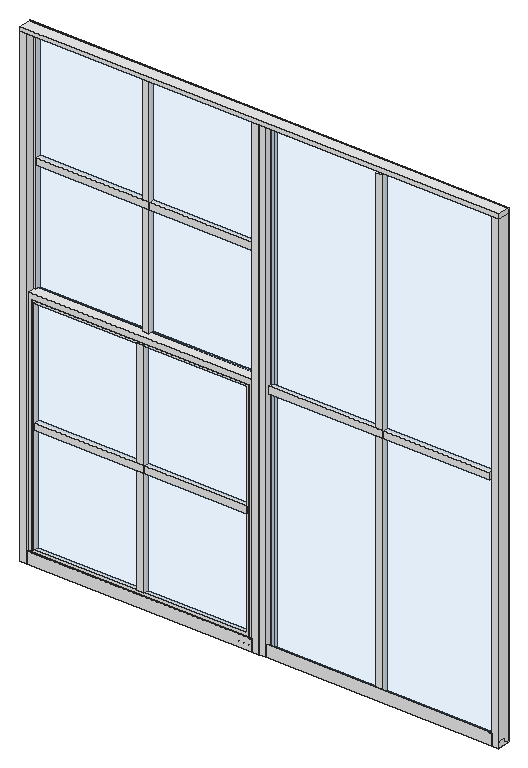
Revit family "Window_Curtain_Wall-Single_Hung_Fixed-Traco-TR_9197-Heavy_Commercial", category Windows, Revit 2015
Parameters (values of type "TR-9197 - Fixed/SH - Single Glazed")
  Window Width [instance] = if(CTRL Opening Width - Window Right Inset - Window Left Inset < Width Minimum, Width Minimum, if(CTRL Opening Width - Window Right Inset - Window Left Inset > Width Maximum, Width Maximum, CTRL Opening Width - Window Right Inset - Window Left Inset))  # 10' - 0"
  Window Top Inset [instance] = 0' - 0"
  Window Right Inset [instance] = 0' - 0"
  Window Muntin Type [instance] = Muntin-Grid-Traco-Lites : True
  Window Left Inset [instance] = 0' - 0"
  Window Height [instance] = if(CTRL Opening Height - Window Top Inset - Window Bottom Inset < Height Minimum, Height Minimum, if(CTRL Opening Height - Window Bottom Inset - Window Top Inset > Height Maximum, Height Maximum, CTRL Opening Height - Window Top Inset - Window Bottom Inset))  # 10' - 0"
  Window Bottom Inset [instance] = 0' - 0"
  Width Minimum = 2' - 0"
  Width Maximum = 10' - 0"
  Water Resistance = 15.0000 psf
  Uniform Load Structural = 75.0000 psf
  Uniform Load Deflection = 50.0000 psf
  URL = "http://www.alcoa.com/traco/en/home.asp"
  U Factor = ".45 Per NFRC 100"
  Type Comments = ""
  Test Size = "60\" X 99\""
  Stile Width = 0' - 1 195/256"
  Sill Width = 0' - 3 1/2"
  Show Sill and Head [instance] = yes
  Show Operation Symbol [instance] = yes
  Screen Width [instance] = (Window Width / 2) - (Stile Width * 2)  # 4' - 8 61/128"
  Screen Material = Aluminum - Traco - Screen
  Screen Height [instance] = CTRL Sash Bottom Height - (Rail Width / 2)  # 4' - 11"
  Sash Bottom Height [instance] = 1' - 6"
  Rail Width = 0' - 2"
  Product data url = "https://bimobject.com/kawneerna/product/91004"
  Product Page URL = "http://www.alcoa.com/traco/en/product.asp?cat_id=1905&prod_id=4193"
  Product Documentation Link = "http://www.alcoa.com/traco/cad/4193/010_CAD%20Files/010.pdf"
  Model = "TR-9100"
  Manufacturer = "Traco"  # constant formula
  Lite Top Height [instance] = 4' - 9.437"
  Keynote = "08500"
  Height Minimum = 2' - 0"
  Height Maximum = 10' - 0"
  Head Width = 0' - 1"
  Head Extension Right [instance] = 0' - 0"
  Head Extension Left [instance] = 0' - 0"
  Has Window Screen [instance] = no
  Has Unequal Sash [instance] = no
  Has Muntins [instance] = no
  Has Flange Frame [instance] = no
  Glazing Thickness = 0' - 0 1/4"
  Glazing Material = Glass - Traco - Clear
  Frame Material = Aluminum - Traco - Anodized - Gray
  Forced Entry Resistance = "TYPE A: GRADE 10"
  Designation = "AAMA/WDMA/CSA 101/I.S.2/A-440-05: H-AW50 And AAMA/WDMA/CSA 101/I.S.2/A-440-08: AW-PG50-H"
  Description = "Heavy Commercial, Single Hung, Side Load"  # constant formula
  Depth = 0' - 3 1/4"
  Copyright © = "2011 Traco"  # constant formula
  Condensation Resistance = 0.0000 psf
  CTRL Sash Bottom Height [instance] = if(Has Unequal Sash, Sash Bottom Height, Window Height / 2)  # 5' - 0"
  Interior Offset [instance] = 0' - 0"
  CTRL Right Half Offset = 0' - 0"  # constant formula
  CTRL Opening Width [instance] = 12' - 8 1/4"
  CTRL Opening Height [instance] = 13' - 0"
  CTRL Left Half Offset = 0' - 0"  # constant formula
  CTRL Head Right Extension [instance] = if(Has Flange Frame, 0' 0", Head Extension Right)  # 0' - 0"
  CTRL Head Left Extension [instance] = if(Has Flange Frame, 0' 0", Head Extension Left)  # 0' - 0"
  CTRL Flange Width [instance] = if(Has Flange Frame, 0' 2", 0' 0")  # 0' - 0"
  Exterior Offset [instance] = 0' - 0"
  Assembly Code = "B2020120"
  Allowable Air Infiltration Maximum = "0.3 @ 6.2 PSF"
Reference planes (in)
  plane 1 "Front": y = 0
  plane 2 "Original Ref. Plane": z = 0
  plane 3 "Center (Left/Right)": x = 0
  plane 4 "Left": x = -76.125
  plane 5 "Right": x = 76.125
  plane 6 "Top": z = 156
  plane 7 "Window Interior Offset": y = 0
  plane 8 "Window Center F/B": y = 0
  plane 9 "Exterior/Back": y = 1.625
  plane 10 "Interior/Front": y = -1.625
  plane 11 "Window Left": x = -43.875
  plane 12 "Window Right": x = 76.125
  plane 13 "Window Top": z = 120
  plane 14 "Flange Top": z = 120
  plane 15 "Head Bottom": z = 119
  plane 16 "Glass Pocket Bottom": z = 118.437
  plane 17 "Meeting Rail Center T/B": z = 60
  plane 18 "Meeting Rail Top": z = 61
  plane 19 "Meeting Rail Bottom": z = 59
  plane 20 "Top Muntin Center T/B": z = 89.7185
  plane 21 "Bottom Muntin Center T/B": z = 31.25
  plane 22 "Bottom Sash Glass B": z = 3.5
  plane 23 "Sash Frame Bottom": z = 2.937
  plane 24 "Bottom Glass Interior": y = -0.861
  plane 25 "Bottom Glass Exterior": y = -0.611
  plane 26 "Top Glass Exterior": y = 1.098
  plane 27 "Top Glass Interior": y = 0.848
  plane 28 "Frame Left": x = -42.1148
  plane 29 "Frame Right": x = 74.3648
  plane 30 "Flange Bottom": z = 0
  plane 31 "Flange Right": x = 76.125
  plane 32 "Flange Left": x = -43.875
  plane 33 "Flange Thickness": y = 1.5625
  plane 34 "Sill Slope Bottom": z = 0.24
  plane 35 "Sill Slope Top": z = 0.6811
  plane 36 "Sill Top": z = 1.3611
  plane 37 "Bottom Sash Exterior": y = 0.155
  plane 38 "Frame Right Inset": x = 72.75
  plane 39 "Frame Left Inset": x = -40.5
  plane 40 "Bottom Glass Interior Offset": y = -1.361
  plane 41 "Bottom Glass Exterior Offset": y = -0.111
  plane 42 "Top Glass Exterior Offset": y = 1.598
  plane 43 "Top Glass Interior Offset": y = 0.348
  plane 44 "Bottom Glass T": z = 59.563
  plane 45 "Top Glass B": z = 60.437
  plane 46 "Top Frame Right Inset": x = 73.8018
  plane 47 "Top Frame Left Inset": x = -41.5518
  plane 48 "Bottom Frame Right Inset": x = 73.313
  plane 49 "Bottom Frame Left Inset": x = -41.063
  plane 50 "Top Glass Center F/B": y = 0.973
  plane 51 "Bottom Glass Center F/B": y = -0.736
  plane 52 "Sill/Head Left Extension": x = -43.875
  plane 53 "Sill/Head Right Extension": x = 76.125
  plane 54 "Interior/Front Inset": y = -1.5625
  plane 55 "Window Bottom": z = 0
  plane 56 "Bottom Center Left Frame": x = 12.7495
  plane 57 "Sash Inside Right": x = 14.36328
  plane 58 "Sash Right Outside": x = 13.3125
  plane 59 "Left Half Center": x = 16.125
  plane 60 "Left Half Right Stop": x = 13.80078
  plane 61 "Right Half Center": x = 16.125
  plane 62 "Right Center Stile Right": x = 17.88672
  plane 63 "Left Stop Inside Right": x = 18.44922
  plane 64 "T.O. Right Half Bottom Stop": z = 1.9236
  plane 65 "Left Half Center (L/R)": x = -13.875
  plane 66 "Right Half Inside Left Stop": x = 18.9375
  plane 67 "Window Center (Left/Right)": x = 16.125
Forms (in)
  Sweep 1, solid, material "Aluminum - Traco - Anodized - Gray" <- "Frame Material"
    path origin (0, 0, 0.125) x (-1, 0, 0) y (0, 0, 1)
      loop
        line (0, -0.125) -> (0, 118.875)
    profile origin (0, 0, 59.5) x (1, 0, 0) y (0, 1, 0)
      loop
        line (-42.1148, -1.625) -> (-42.1148, 1.5625) -> (-43.875, 1.5625) -> (-43.875, -1.625) -> (-42.1148, -1.625)
      loop
        line (74.3648, -1.625) -> (76.125, -1.625) -> (76.125, 1.5625) -> (74.3648, 1.5625) -> (74.3648, -1.625)
  Sweep 2, solid, material "Aluminum - Traco - Anodized - Gray" <- "Frame Material"
    path origin (0, 0, 0) x (-1, 0, 0) y (0, 0, 1)
      loop
        line (-14.36328, 0.24) -> (43.875, 0.24)
    profile origin (-14.75586, 0, 0.24) x (0, 0, 1) y (0, 1, 0)
      loop
        line (1.1211, -1.5625) -> (1.1211, 0.155) -> (0.4411, 0.155) -> (0.01875, 1.5625) -> (-0.24, 1.5625) -> (-0.24, -1.5625) -> (1.1211, -1.5625)
  Sweep 3, solid, material "Aluminum - Traco - Anodized - Gray" <- "Frame Material"
    path origin (-1.19115, 0, 71.94551) x (-1, 0, 0) y (0, 0, 1)
      loop
        line (-77.31615, 47.05449) -> (42.68385, 47.05449)
    profile origin (16.125, 0, 119) x (0, 0, 1) y (0, 1, 0)
      loop
        line (0, 1.5625) -> (0, -1.625) -> (1, -1.625) -> (1, 1.5625) -> (0, 1.5625)
  Sweep 4, solid, material "Aluminum - Traco - Anodized - Gray" <- "Frame Material"
    path origin (3.54143, 0, -0.40863) x (1, 0, 0) y (0, 0, 1)
      loop
        line (-3.54143, 0.64863) -> (-3.54143, 119.40863)
    profile origin (0, 0, 59.62) x (-1, 0, 0) y (0, -1, 0)
      loop
        line (42.1148, -1.5625) -> (42.1148, -1.625) -> (43.875, -1.625) -> (43.875, -1.5625) -> (42.1148, -1.5625)
      loop
        line (-74.3648, -1.5625) -> (-76.125, -1.5625) -> (-76.125, -1.625) -> (-74.3648, -1.625) -> (-74.3648, -1.5625)
  Sweep 5, solid, material "Aluminum - Traco - Anodized - Gray" <- "Frame Material", visible <- "Show Sill and Head"
    path origin (-0.2639, 0, -1.58341) x (-1, 0, 0) y (0, 0, 1)
      loop
        line (-76.3889, 1.58341) -> (43.6111, 1.58341)
    profile origin (16.125, 0, 0) x (0, 0, 1) y (0, 1, 0)
      loop
        line (0, 1.625) -> (0, 1.5625) -> (0.25875, 1.5625) -> (0.24, 1.625) -> (0, 1.625)
  Sweep 6, solid, material "Aluminum - Traco - Anodized - Gray" <- "Frame Material", visible <- "Show Sill and Head"
    path origin (-1.31088, 0, 70.30922) x (-1, 0, 0) y (0, 0, 1)
      loop
        line (-77.43588, 49.69078) -> (42.56412, 49.69078)
    profile origin (16.125, 0, 120) x (0, 0, 1) y (0, 1, 0)
      loop
        line (-1, 1.625) -> (-1, 1.5625) -> (0, 1.5625) -> (0, 1.625) -> (-1, 1.625)
  Sweep 7, solid, material "Aluminum - Traco - Anodized - Gray" <- "Frame Material"
    path origin (-0.05903, 0, 2.24309) x (-1, 0, 0) y (0, 0, 1)
      loop
        line (-14.42231, 0.69391) -> (42.05577, 0.69391)
    profile origin (-13.87576, 0, 2.937) x (0, 0, 1) y (0, 1, 0)
      loop
        line (-1.5759, 0.155) -> (-1.5759, -1.5625) -> (0, -1.5625) -> (0, 0.155) -> (-1.5759, 0.155)
  Sweep 8, solid, material "Aluminum - Traco - Anodized - Gray" <- "Frame Material", detail levels medium+fine
    path origin (0, -1.361, 0) x (-1, 0, 0) y (0, 0, 1)
      loop
        line (-12.7495, 3.5) -> (40.5, 3.5) -> (40.5, 59) -> (-12.7495, 59) -> (-12.7495, 3.5)
    profile origin (-13.87525, -1.361, 3.5) x (0, 0, 1) y (0, 1, 0)
      loop
        line (-0.563, 0) -> (0, 0) -> (0, 1.25) -> (-0.563, 1.25) -> (-0.563, 0)
  Extrusion 9, solid, material "Glass - Traco - Clear" <- "Glazing Material"
    sketch origin (0, 0, 0) x (1, 0, 0) y (0, 0, 1)
      loop
        line (13.3125, 59.563) -> (-42.1148, 59.563) -> (-42.1148, 2.937) -> (13.3125, 2.937) -> (13.3125, 59.563)
    from 0.611 to 0.861
  Sweep 10, solid, material "Aluminum - Traco - Anodized - Gray" <- "Frame Material", detail levels medium+fine
    path origin (0, 1.598, 0) x (-1, 0, 0) y (0, 0, 1)
      loop
        line (-13.80078, 61) -> (-13.80078, 118.437) -> (41.5518, 118.437) -> (41.5518, 61)
    profile origin (-13.87551, 1.598, 118.437) x (0, 0, 1) y (0, 1, 0)
      loop
        line (0, -1.25) -> (0.563, -1.25) -> (0.563, 0) -> (0, 0) -> (0, -1.25)
  Extrusion 11, solid, material "Glass - Traco - Clear" <- "Glazing Material"
    sketch origin (-3, 0, 39) x (1, 0, 0) y (0, 0, 1)
      loop
        line (17.36328, 80) -> (-39.1148, 80) -> (-39.1148, 22) -> (17.36328, 22) -> (17.36328, 80)
    from -1.098 to -0.848
  Sweep 12, solid, material "Aluminum - Traco - Anodized - Gray" <- "Frame Material"
    path origin (0, 0, 0) x (1, 0, 0) y (0, 0, 1)
      loop
        line (14.36328, 60) -> (-42.1148, 60)
    profile origin (-13.87576, 0, 60) x (0, 0, -1) y (0, -1, 0)
      loop
        line (-1, 1.361) -> (-1, -1.598) -> (1, -1.598) -> (1, 0.111) -> (0.437, 0.111) -> (0.437, 1.361) -> (-1, 1.361)
  Sweep 13, solid, material "Aluminum - Traco - Anodized - Gray" <- "Frame Material"
    path origin (0.15765, 0, -0.40863) x (1, 0, 0) y (0, 0, 1)
      loop
        line (-0.15765, 1.76973) -> (-0.15765, 59.97163)
    profile origin (0, 0, 30.46205) x (-1, 0, 0) y (0, -1, 0)
      loop
        line (41.063, 1.361) -> (41.063, -0.155) -> (42.1148, -0.155) -> (42.1148, 1.361) -> (41.063, 1.361)
      loop
        line (-13.3125, 1.361) -> (-14.36328, 1.361) -> (-14.36328, -0.155) -> (-13.3125, -0.155) -> (-13.3125, 1.361)
  Sweep 14, solid, material "Aluminum - Traco - Anodized - Gray" <- "Frame Material"
    path origin (0, 0, -0.00501) x (-1, 0, 0) y (0, 0, 1)
      loop
        line (-14.36328, 2.94201) -> (42.1148, 2.94201)
    profile origin (-13.87576, 0, 2.937) x (0, 0, 1) y (0, 1, 0)
      loop
        line (0, -1.625) -> (0, -1.5625) -> (-2.937, -1.5625) -> (-2.937, -1.625) -> (0, -1.625)
  Sweep 15, solid, material "Aluminum - Traco - Anodized - Gray" <- "Frame Material"
    path origin (0, 0, 0) x (1, 0, 0) y (0, 0, 1)
      loop
        line (16.125, 0) -> (16.125, 119)
    profile origin (16.125, 0, 59.5) x (-1, 0, 0) y (0, -1, 0)
      loop
        line (0, 1.625) -> (0, -1.5625) -> (1.76172, -1.5625) -> (1.76172, 1.625) -> (0, 1.625)
  Sweep 16, solid, material "Aluminum - Traco - Anodized - Gray" <- "Frame Material"
    path origin (0, 0, 0) x (1, 0, 0) y (0, 0, 1)
      loop
        line (16.125, 0) -> (16.125, 119)
    profile origin (16.125, 0, 59.5) x (-1, 0, 0) y (0, -1, 0)
      loop
        line (0, -1.5625) -> (0, 1.625) -> (-1.76172, 1.625) -> (-1.76172, -1.5625) -> (0, -1.5625)
  Sweep 17, solid, material "Aluminum - Traco - Anodized - Gray" <- "Frame Material"
    path origin (0, 0, 0) x (1, 0, 0) y (0, 0, 1)
      loop
        line (76.125, 0.24) -> (17.88672, 0.24)
    profile origin (47.00586, 0, 0.24) x (0, 0, -1) y (0, -1, 0)
      loop
        line (0.24, -1.5625) -> (0.24, 1.5625) -> (-1.1211, 1.5625) -> (-1.1211, -0.155) -> (-0.4411, -0.155) -> (-0.01875, -1.5625) -> (0.24, -1.5625)
  Sweep 18, solid, material "Aluminum - Traco - Anodized - Gray" <- "Frame Material"
    path origin (0, 0, 0) x (1, 0, 0) y (0, 0, 1)
      loop
        line (17.88672, 2.937) -> (74.3648, 2.937)
    profile origin (46.12576, 0, 2.937) x (0, 0, 1) y (0, -1, 0)
      loop
        line (0, 1.5625) -> (0, 1.625) -> (-2.937, 1.625) -> (-2.937, 1.5625) -> (0, 1.5625)
  Sweep 19, solid, material "Aluminum - Traco - Anodized - Gray" <- "Frame Material", detail levels medium+fine
    path origin (19.75, 1.598, 0) x (-1, 0, 0) y (0, 0, 1)
      loop
        line (-54.0518, 118.437) -> (-54.0518, 1.9236) -> (1.30078, 1.9236) -> (1.30078, 118.437) -> (-54.0518, 118.437)
    profile origin (46.12551, 1.598, 118.437) x (0, 0, 1) y (0, 1, 0)
      loop
        line (0, -2.209) -> (0.563, -2.209) -> (0.563, -1.443) -> (0, -1.443) -> (0, -2.209)
  Extrusion 20, solid, material "Glass - Traco - Clear" <- "Glazing Material"
    sketch origin (0, 0, 0) x (1, 0, 0) y (0, 0, 1)
      loop
        line (73.8018, 118.437) -> (18.44922, 118.437) -> (18.44922, 1.9236) -> (73.8018, 1.9236) -> (73.8018, 118.437)
    from 0.611 to 0.861
Cuts and joins
  joined: Sweep 7, Sweep 12, Sweep 13
  joined: Sweep 2, Sweep 14
Lines and regions (in)
  Masking region 1
    outline origin (0, 0, 0) x (-1, 0, 0) y (0, 0, 1)
      loop
        line (-76.125, 119) -> (-76.125, 0.24) -> (-74.3648, 0.24) -> (-74.3648, 119) -> (-76.125, 119)
      loop
        line (42.1148, 0.24) -> (43.875, 0.24) -> (43.875, 119) -> (42.1148, 119) -> (42.1148, 0.24)
  Masking region 2, visible <- "Show Sill and Head"
    outline origin (0, 0, 0) x (-1, 0, 0) y (0, 0, 1)
      loop
        line (-76.125, 120) -> (-76.125, 119) -> (43.875, 119) -> (43.875, 120) -> (-76.125, 120)
      loop
        line (43.875, 0) -> (43.875, 0.24) -> (-76.125, 0.24) -> (-76.125, 0) -> (43.875, 0)
  Masking region 3
    outline origin (0, 0, 0) x (-1, 0, 0) y (0, 0, 1)
      loop
        line (-14.36328, 60.437) -> (-14.36328, 59.563) -> (42.1148, 59.563) -> (42.1148, 60.437) -> (-14.36328, 60.437)
  Masking region 4
    outline origin (0, -1.361, 0) x (-1, 0, 0) y (0, 0, 1)
      loop
        line (-13.3125, 2.937) -> (-13.3125, 59.563) -> (-14.36328, 59.563) -> (-14.36328, 2.937) -> (-13.3125, 2.937)
      loop
        line (41.063, 2.937) -> (42.1148, 2.937) -> (42.1148, 59.563) -> (41.063, 59.563) -> (41.063, 2.937)
  Masking region 5, detail levels medium+fine
    outline origin (0, -0.861, 0) x (-1, 0, 0) y (0, 0, 1)
      loop
        line (-13.3125, 59.563) -> (-13.3125, 2.937) -> (41.063, 2.937) -> (41.063, 59.563) -> (-13.3125, 59.563)
      loop
        line (-12.7495, 59) -> (-12.7495, 3.5) -> (40.5, 3.5) -> (40.5, 59) -> (-12.7495, 59)
  Masking region 6
    outline origin (0, -1.625, 0) x (-1, 0, 0) y (0, 0, 1)
      loop
        line (-74.3648, 2.937) -> (-74.3648, 0.24) -> (-17.88672, 0.24) -> (-17.88672, 2.937) -> (-74.3648, 2.937)
  Masking region 7, detail levels medium+fine
    outline origin (0, 1.098, 0) x (-1, 0, 0) y (0, 0, 1)
      loop
        line (-14.36328, 119) -> (-14.36328, 60.437) -> (42.1148, 60.437) -> (42.1148, 119) -> (-14.36328, 119)
      loop
        line (-13.80078, 118.437) -> (-13.80078, 61) -> (41.5518, 61) -> (41.5518, 118.437) -> (-13.80078, 118.437)
  Masking region 8
    outline origin (0, 0.848, 0) x (-1, 0, 0) y (0, 0, 1)
      loop
        line (42.1148, 60.437) -> (42.1148, 119) -> (-14.36328, 119) -> (-14.36328, 60.437) -> (42.1148, 60.437)
  Masking region 9
    outline origin (0, -0.611, 0) x (-1, 0, 0) y (0, 0, 1)
      loop
        line (41.063, 2.937) -> (41.063, 59.563) -> (-13.3125, 59.563) -> (-13.3125, 2.937) -> (41.063, 2.937)
  Masking region 10
    outline origin (0, 0, 0) x (0, 1, 0) y (0, 0, 1)
      loop
        line (1.625, 0) -> (1.625, 120) -> (-1.625, 120) -> (-1.625, 0) -> (1.625, 0)
  Masking region 11
    outline origin (0, 0, 60) x (1, 0, 0) y (0, 1, 0)
      loop
        line (76.125, -1.625) -> (76.125, 1.625) -> (-43.875, 1.625) -> (-43.875, -1.625) -> (76.125, -1.625)
  Split face 1
    outline origin (14.36328, 1.598, 61) x (-1, 0, 0) y (0, -1, 0)
      loop
        line (56.47808, 1.125) -> (0, 1.125)
      loop
        line (56.47808, 1.25) -> (0, 1.25)
  Masking region 12
    outline origin (0, -1.625, 0) x (1, 0, 0) y (0, 0, 1)
      loop
        line (-42.1148, 2.937) -> (-42.1148, 0.24) -> (14.36328, 0.24) -> (14.36328, 2.937) -> (-42.1148, 2.937)
  Masking region 13
    outline origin (0, 0, 0) x (1, 0, 0) y (0, 0, 1)
      loop
        line (17.88672, 0) -> (17.88672, 119) -> (16.125, 119) -> (16.125, 0) -> (17.88672, 0)
  Masking region 14
    outline origin (0, 0, 0) x (1, 0, 0) y (0, 0, 1)
      loop
        line (16.125, 0) -> (16.125, 119) -> (14.36328, 119) -> (14.36328, 0) -> (16.125, 0)
  Masking region 15, detail levels medium+fine
    outline origin (0, 0, 0) x (1, 0, 0) y (0, 0, 1)
      loop
        line (17.88672, 2.937) -> (74.3648, 2.937) -> (74.3648, 119) -> (17.88672, 119) -> (17.88672, 2.937)
      loop
        line (18.44922, 118.437) -> (18.44922, 3.5) -> (73.8018, 3.5) -> (73.8018, 118.437) -> (18.44922, 118.437)
  Masking region 16
    outline origin (0, 0, 0) x (1, 0, 0) y (0, 0, 1)
      loop
        line (17.88672, 2.937) -> (74.3648, 2.937) -> (74.3648, 119) -> (17.88672, 119) -> (17.88672, 2.937)
  symbolic lines, style "WindowsFrameMullionProjection", detail levels medium+fine
    curve 1: line (12.7495, -0.611, 3.5) -> (-40.5, -0.611, 3.5)
    curve 2: line (-40.5, -0.611, 2.937) -> (-40.5, -0.611, 59.563)
  symbolic lines, style "WindowsOpeningProjection", visible <- "Show Operation Symbol", detail levels fine
    curve 3: line (-13.875, 0, 26.375) -> (-13.875, 0, 36.125)
    curve 4: line (-13.875, 0, 36.125) -> (-14.5403, 0, 34.78061)
    curve 82: line (-13.8755, 0, 36.125) -> (-13.2102, 0, 34.78061)
  symbolic lines, style "WindowsSillHeadProjection"
    curve 5: line (0, -1.625, 120) -> (0, 1.625, 120)
    curve 6: line (0, -1.625, 119) -> (0, -1.625, 120)
    curve 7: line (0, 1.625, 119) -> (0, -1.625, 119)
    curve 8: line (0, 1.625, 120) -> (0, 1.625, 119)
    curve 9: line (0, -1.625, 2.937) -> (0, 0.155, 2.937)
    curve 10: line (0, 0.155, 2.937) -> (0, 0.155, 0.6811)
    curve 11: line (0, 0.155, 0.6811) -> (0, 1.625, 0.24)
    curve 12: line (0, 1.625, 0.24) -> (0, 1.625, 0)
    curve 13: line (0, 1.625, 0) -> (0, -1.625, 0)
    curve 14: line (0, -1.625, 0) -> (0, -1.625, 2.937)
  symbolic lines, style "WindowsGlassProjection", detail levels medium+fine
    curve 15: line (0, 0.848, 119) -> (0, 0.848, 60.437)
    curve 16: line (0, 1.098, 119) -> (0, 1.098, 60.437)
    curve 17: line (0, -0.861, 59.563) -> (0, -0.861, 2.937)
    curve 18: line (0, -0.611, 59.563) -> (0, -0.611, 2.937)
    curve 53: line (-42.1148, 0.848, 60) -> (14.36328, 0.848, 60)
    curve 55: line (73.313, -0.611, 60) -> (18.9375, -0.611, 60)
    curve 56: line (-41.063, -0.861, 60) -> (13.3125, -0.861, 60)
    curve 96: line (13.3125, -0.611, 60) -> (-41.063, -0.611, 60)
    curve 97: line (18.9375, -0.861, 60) -> (73.313, -0.861, 60)
    curve 98: line (14.36328, 1.098, 60) -> (-42.1148, 1.098, 60)
  symbolic lines, style "WindowsGlassProjection", detail levels coarse
    curve 19: line (0, 0.973, 119) -> (0, 0.973, 60.437)
    curve 20: line (0, -0.736, 59.563) -> (0, -0.736, 2.937)
    curve 54: line (-42.1148, 0.973, 60) -> (14.36328, 0.973, 60)
    curve 57: line (-41.063, -0.736, 60) -> (13.3125, -0.736, 60)
    curve 89: line (73.313, -0.736, 60) -> (18.9375, -0.736, 60)
  symbolic lines, style "WindowsFrameMullionProjection", detail levels fine
    curve 21: line (0, -1.361, 59.563) -> (0, -1.361, 59)
    curve 22: line (0, -1.361, 59) -> (0, -0.861, 59)
    curve 23: line (0, -0.611, 59) -> (0, -0.111, 59)
    curve 24: line (0, -0.111, 59) -> (0, -0.111, 59.563)
    curve 25: line (0, 0.348, 60.437) -> (0, 0.348, 61)
    curve 26: line (0, 0.348, 61) -> (0, 0.848, 61)
    curve 27: line (0, 1.098, 61) -> (0, 1.598, 61)
    curve 28: line (0, 1.598, 61) -> (0, 1.598, 60.437)
    curve 29: line (0, 0.348, 119) -> (0, 0.348, 118.437)
    curve 30: line (0, 0.348, 118.437) -> (0, 0.848, 118.437)
    curve 31: line (0, 1.098, 118.437) -> (0, 1.598, 118.437)
    curve 32: line (0, 1.598, 118.437) -> (0, 1.598, 119)
    curve 33: line (0, -1.361, 2.937) -> (0, -1.361, 3.5)
    curve 34: line (0, -1.361, 3.5) -> (0, -0.861, 3.5)
    curve 35: line (0, -0.611, 3.5) -> (0, -0.111, 3.5)
    curve 36: line (0, -0.111, 3.5) -> (0, -0.111, 2.937)
    curve 58: line (-42.1148, 1.598, 60) -> (-41.5518, 1.598, 60)
    curve 59: line (-41.5518, 1.598, 60) -> (-41.5518, 1.098, 60)
    curve 60: line (-42.1148, 0.348, 60) -> (-41.5518, 0.348, 60)
    curve 61: line (-41.5518, 0.348, 60) -> (-41.5518, 0.848, 60)
    curve 62: line (14.36328, 0.348, 60) -> (13.80078, 0.348, 60)
    curve 63: line (13.80078, 0.348, 60) -> (13.80078, 0.848, 60)
    curve 64: line (14.36328, 1.598, 60) -> (13.80078, 1.598, 60)
    curve 65: line (13.80078, 1.598, 60) -> (13.80078, 1.098, 60)
    curve 70: line (-41.063, -0.111, 60) -> (-40.5, -0.111, 60)
    curve 71: line (-40.5, -0.111, 60) -> (-40.5, -0.611, 60)
    curve 72: line (-41.063, -1.361, 60) -> (-40.5, -1.361, 60)
    curve 73: line (-40.5, -1.361, 60) -> (-40.5, -0.861, 60)
    curve 78: line (13.3125, -0.111, 60) -> (12.7495, -0.111, 60)
    curve 79: line (12.7495, -0.111, 60) -> (12.7495, -0.611, 60)
    curve 80: line (13.3125, -1.361, 60) -> (12.7495, -1.361, 60)
    curve 81: line (12.7495, -1.361, 60) -> (12.7495, -0.861, 60)
  symbolic lines, style "WindowsFrameMullionProjection"
    curve 37: line (0, -1.361, 61) -> (0, 0.348, 61)
    curve 38: line (0, 0.348, 61) -> (0, 0.348, 60.437)
    curve 39: line (0, 0.348, 60.437) -> (0, 1.598, 60.437)
    curve 40: line (0, 1.598, 60.437) -> (0, 1.598, 59)
    curve 41: line (0, 1.598, 59) -> (0, -0.111, 59)
    curve 42: line (0, -0.111, 59) -> (0, -0.111, 59.563)
    curve 43: line (0, -0.111, 59.563) -> (0, -1.361, 59.563)
    curve 44: line (0, -1.361, 59.563) -> (0, -1.361, 61)
    curve 45: line (-42.1148, -1.625, 60) -> (-43.875, -1.625, 60)
    curve 46: line (-42.1148, 1.625, 60) -> (-42.1148, -1.625, 60)
    curve 47: line (-43.875, 1.625, 60) -> (-42.1148, 1.625, 60)
    curve 48: line (-43.875, -1.625, 60) -> (-43.875, 1.625, 60)
    curve 49: line (76.125, -1.625, 60) -> (74.3648, -1.625, 60)
    curve 50: line (76.125, 1.625, 60) -> (76.125, -1.625, 60)
    curve 51: line (74.3648, 1.625, 60) -> (76.125, 1.625, 60)
    curve 52: line (74.3648, -1.625, 60) -> (74.3648, 1.625, 60)
    curve 66: line (-41.063, -1.361, 60) -> (-42.1148, -1.361, 60)
    curve 67: line (-41.063, 0, 60) -> (-41.063, -1.361, 60)
    curve 68: line (-42.1148, 0, 60) -> (-41.063, 0, 60)
    curve 69: line (-42.1148, -1.361, 60) -> (-42.1148, 0, 60)
    curve 74: line (73.313, -1.361, 60) -> (74.3648, -1.361, 60)
    curve 75: line (73.313, 0, 60) -> (73.313, -1.361, 60)
    curve 76: line (74.3648, 0, 60) -> (73.313, 0, 60)
    curve 77: line (74.3648, -1.361, 60) -> (74.3648, 0, 60)
    curve 83: line (14.36328, -1.625, 60) -> (14.36328, 1.598, 60)
    curve 84: line (0, -1.625, 60) -> (0, 1.625, 60)
    curve 85: line (17.88672, -1.625, 60) -> (17.88672, 1.625, 60)
    curve 86: line (13.3125, -1.361, 60) -> (14.36328, -1.361, 60)
    curve 87: line (13.3125, 0, 60) -> (13.3125, -1.361, 60)
    curve 88: line (14.36328, 0, 60) -> (13.3125, 0, 60)
    curve 90: line (73.313, -1.361, 60) -> (74.3648, -1.361, 60)
    curve 91: line (73.313, 0, 60) -> (73.313, -1.361, 60)
    curve 92: line (74.3648, 0, 60) -> (73.313, 0, 60)
    curve 93: line (18.9375, -1.361, 60) -> (17.88672, -1.361, 60)
    curve 94: line (18.9375, 0, 60) -> (18.9375, -1.361, 60)
    curve 95: line (17.88672, 0, 60) -> (18.9375, 0, 60)
Text (in)
  text "Exterior" at (-54.29358, 31.38743, 0), in view "Ref. Level"
  text "Exterior" at (480, 41.53993, 89.60405), in view "Right"
  text "Exterior" at (-240, 57.82419, 105.78864), in view "Left"
Dimensions and locks (in)
  equal spacing: plane 4 "Left", plane 3 "Center (Left/Right)", plane 5 "Right"
  "Interior Offset": plane 7 "Window Interior Offset" to plane 1 "Front"
  "Exterior Offset": plane 8 "Window Center F/B" to plane 7 "Window Interior Offset"
  equal spacing: plane 9 "Exterior/Back", plane 8 "Window Center F/B", plane 10 "Interior/Front"
  "Depth": plane 9 "Exterior/Back" to plane 10 "Interior/Front"
  "Head Width": plane 15 "Head Bottom" to plane 13 "Window Top"
  locked: plane 16 "Glass Pocket Bottom" to plane 15 "Head Bottom" at 0.563
  equal spacing: plane 19 "Meeting Rail Bottom", plane 17 "Meeting Rail Center T/B", plane 18 "Meeting Rail Top"
  equal spacing: plane 18 "Meeting Rail Top", plane 20 "Top Muntin Center T/B", plane 16 "Glass Pocket Bottom"
  "Glazing Thickness": plane 24 "Bottom Glass Interior" to plane 25 "Bottom Glass Exterior"
  "Glazing Thickness": plane 27 "Top Glass Interior" to plane 26 "Top Glass Exterior"
  "Rail Width": plane 19 "Meeting Rail Bottom" to plane 18 "Meeting Rail Top"
  locked: plane 29 "Frame Right" to plane 12 "Window Right" at 1.7602
  locked: plane 11 "Window Left" to plane 28 "Frame Left" at 1.7602
  "CTRL Flange Width": plane 12 "Window Right" to plane 31 "Flange Right"
  "CTRL Flange Width": plane 32 "Flange Left" to plane 11 "Window Left"
  "CTRL Flange Width": plane 30 "Flange Bottom" to plane 55 "Window Bottom"
  locked: plane 9 "Exterior/Back" to plane 33 "Flange Thickness" at 0.0625
  locked: plane 55 "Window Bottom" to plane 34 "Sill Slope Bottom" at 0.24
  locked: plane 34 "Sill Slope Bottom" to plane 35 "Sill Slope Top" at 0.4411
  locked: plane 35 "Sill Slope Top" to plane 36 "Sill Top" at 0.68
  "Sill Width": plane 55 "Window Bottom" to plane 22 "Bottom Sash Glass B"
  locked: plane 38 "Frame Right Inset" to plane 12 "Window Right" at 3.375
  locked: plane 11 "Window Left" to plane 39 "Frame Left Inset" at 3.375
  locked: plane 23 "Sash Frame Bottom" to plane 22 "Bottom Sash Glass B" at 0.563
  locked: plane 44 "Bottom Glass T" to plane 19 "Meeting Rail Bottom" at 0.563
  locked: plane 18 "Meeting Rail Top" to plane 45 "Top Glass B" at 0.563
  locked: plane 46 "Top Frame Right Inset" to plane 29 "Frame Right" at 0.563
  locked: plane 28 "Frame Left" to plane 47 "Top Frame Left Inset" at 0.563
  "CTRL Sash Bottom Height": plane 55 "Window Bottom" to plane 17 "Meeting Rail Center T/B"
  equal spacing: plane 22 "Bottom Sash Glass B", plane 21 "Bottom Muntin Center T/B", plane 19 "Meeting Rail Bottom"
  locked: plane 38 "Frame Right Inset" to plane 48 "Bottom Frame Right Inset" at 0.563
  locked: plane 49 "Bottom Frame Left Inset" to plane 39 "Frame Left Inset" at 0.563
  locked: plane 10 "Interior/Front" to plane 51 "Bottom Glass Center F/B" at 0.889
  locked: plane 50 "Top Glass Center F/B" to plane 9 "Exterior/Back" at 0.652
  equal spacing: plane 27 "Top Glass Interior", plane 50 "Top Glass Center F/B", plane 26 "Top Glass Exterior"
  equal spacing: plane 24 "Bottom Glass Interior", plane 51 "Bottom Glass Center F/B", plane 25 "Bottom Glass Exterior"
  plane 40 "Bottom Glass Interior Offset" to plane 51 "Bottom Glass Center F/B" to plane 41 "Bottom Glass Exterior Offset" = 0' - 0 5/8" locked, 0' - 0 5/8" locked
  plane 43 "Top Glass Interior Offset" to plane 50 "Top Glass Center F/B" to plane 42 "Top Glass Exterior Offset" = 0' - 0 5/8" locked, 0' - 0 5/8" locked
  locked: plane 10 "Interior/Front" to plane 37 "Bottom Sash Exterior" at 1.78
  "CTRL Head Right Extension": plane 31 "Flange Right" to plane 53 "Sill/Head Right Extension"
  "CTRL Head Left Extension": plane 52 "Sill/Head Left Extension" to plane 32 "Flange Left"
  locked: plane 10 "Interior/Front" to plane 54 "Interior/Front Inset" at 0.0625
  equal spacing: curve 3, plane 21 "Bottom Muntin Center T/B", curve 3, locked at 4.875 each
  "Window Right Inset": plane 12 "Window Right" to plane 5 "Right"
  "Window Bottom Inset": plane 2 "Original Ref. Plane" to plane 55 "Window Bottom"
  "CTRL Flange Width": plane 13 "Window Top" to plane 14 "Flange Top"
  "CTRL Opening Height": plane 2 "Original Ref. Plane" to plane 6 "Top"
  "CTRL Opening Width": plane 4 "Left" to plane 5 "Right"
  plane 6 "Top" to Extrusion 11 = 3' - 1"
  plane 22 "Bottom Sash Glass B" to plane 19 "Meeting Rail Bottom" = 4' - 7 1/2"
  locked: plane 56 "Bottom Center Left Frame" to plane 57 "Sash Inside Right" at 1.61378
  locked: plane 58 "Sash Right Outside" to plane 57 "Sash Inside Right" at 1.05078
  locked: plane 60 "Left Half Right Stop" to plane 57 "Sash Inside Right" at 0.5625
  locked: plane 62 "Right Center Stile Right" to plane 63 "Left Stop Inside Right" at 0.5625
  locked: plane 36 "Sill Top" to plane 64 "T.O. Right Half Bottom Stop" at 0.5625
  equal spacing: plane 11 "Window Left", plane 65 "Left Half Center (L/R)", plane 59 "Left Half Center"
  plane 2 "Original Ref. Plane" to Masking region 13 = 9' - 11"
  locked: plane 63 "Left Stop Inside Right" to plane 66 "Right Half Inside Left Stop" at 0.48828
  "Window Height": plane 55 "Window Bottom" to plane 13 "Window Top"
  "Lite Top Height": plane 18 "Meeting Rail Top" to plane 16 "Glass Pocket Bottom"
  "Window Width": plane 11 "Window Left" to plane 12 "Window Right"
  equal spacing: plane 11 "Window Left", plane 67 "Window Center (Left/Right)", plane 12 "Window Right"
  "CTRL Left Half Offset": plane 59 "Left Half Center" to plane 67 "Window Center (Left/Right)"
  "CTRL Right Half Offset": plane 67 "Window Center (Left/Right)" to plane 61 "Right Half Center"
  "Stile Width": plane 57 "Sash Inside Right" to plane 67 "Window Center (Left/Right)"
  "Stile Width": plane 67 "Window Center (Left/Right)" to plane 62 "Right Center Stile Right"
  aligned and locked: level to plane 2 "Original Ref. Plane"
  aligned and locked: Sweep 1 sketch curve to plane 3 "Center (Left/Right)"
  aligned: plane 15 "Head Bottom" to Sweep 1 sketch curve
  aligned and locked: plane 33 "Flange Thickness" to Sweep 1 sketch curve  (x2)
  aligned and locked: plane 11 "Window Left" to Sweep 1 sketch curve
  aligned and locked: Sweep 1 sketch curve to plane 28 "Frame Left"
  aligned and locked: Sweep 1 sketch curve to plane 10 "Interior/Front"  (x2)
  aligned and locked: plane 12 "Window Right" to Sweep 1 sketch curve
  aligned and locked: Sweep 1 sketch curve to plane 29 "Frame Right"
  aligned and locked: Sweep 2 sketch curve to plane 34 "Sill Slope Bottom"
  aligned and locked: plane 11 "Window Left" to Sweep 2 sketch curve
  aligned and locked: plane 37 "Bottom Sash Exterior" to Sweep 2 sketch curve
  aligned and locked: plane 36 "Sill Top" to Sweep 2 sketch curve
  aligned and locked: Sweep 2 sketch curve to plane 35 "Sill Slope Top"
  aligned and locked: plane 11 "Window Left" to Sweep 3 sketch curve
  aligned and locked: plane 12 "Window Right" to Sweep 3 sketch curve
  aligned and locked: Sweep 3 sketch curve to plane 15 "Head Bottom"
  aligned and locked: plane 10 "Interior/Front" to Sweep 3 sketch curve
  aligned and locked: plane 15 "Head Bottom" to Sweep 3 sketch curve
  aligned and locked: Sweep 3 sketch curve to plane 33 "Flange Thickness"
  aligned and locked: Sweep 4 sketch curve to plane 3 "Center (Left/Right)"
  aligned and locked: plane 34 "Sill Slope Bottom" to Sweep 4 sketch curve
  aligned and locked: Sweep 4 sketch curve to plane 9 "Exterior/Back"  (x2)
  aligned and locked: plane 29 "Frame Right" to Sweep 4 sketch curve
  aligned and locked: plane 33 "Flange Thickness" to Sweep 4 sketch curve  (x2)
  aligned and locked: plane 28 "Frame Left" to Sweep 4 sketch curve
  aligned and locked: plane 15 "Head Bottom" to Sweep 4 sketch curve
  aligned and locked: Sweep 4 sketch curve to plane 32 "Flange Left"
  aligned and locked: Sweep 4 sketch curve to plane 31 "Flange Right"
  aligned and locked: Sweep 2 sketch curve to plane 33 "Flange Thickness"
  aligned and locked: Sweep 5 sketch curve to plane 30 "Flange Bottom"
  aligned and locked: Sweep 5 sketch curve to Sweep 2
  aligned and locked: plane 34 "Sill Slope Bottom" to Sweep 5 sketch curve
  aligned and locked: plane 33 "Flange Thickness" to Sweep 5 sketch curve  (x2)
  aligned and locked: Sweep 5 sketch curve to plane 9 "Exterior/Back"
  aligned and locked: plane 30 "Flange Bottom" to Sweep 5 sketch curve
  aligned and locked: Sweep 6 sketch curve to plane 14 "Flange Top"  (x2)
  aligned and locked: Sweep 6 sketch curve to plane 9 "Exterior/Back"
  aligned and locked: plane 15 "Head Bottom" to Sweep 6 sketch curve
  aligned and locked: plane 33 "Flange Thickness" to Sweep 6 sketch curve
  aligned and locked: Sweep 7 sketch curve to plane 23 "Sash Frame Bottom"  (x2)
  aligned and locked: Sweep 7 sketch curve to plane 37 "Bottom Sash Exterior"
  aligned and locked: plane 36 "Sill Top" to Sweep 7 sketch curve
  aligned and locked: Sweep 8 sketch curve to plane 22 "Bottom Sash Glass B"  (x2)
  aligned and locked: Sweep 8 sketch curve to plane 41 "Bottom Glass Exterior Offset"
  aligned and locked: plane 23 "Sash Frame Bottom" to Sweep 8 sketch curve
  aligned and locked: plane 40 "Bottom Glass Interior Offset" to Sweep 8 sketch curve
  aligned and locked: plane 23 "Sash Frame Bottom" to Extrusion 9 sketch curve
  aligned and locked: Extrusion 9 sketch curve to plane 28 "Frame Left"
  aligned: Extrusion 9 to plane 24 "Bottom Glass Interior"
  aligned: plane 25 "Bottom Glass Exterior" to Extrusion 9
  aligned and locked: plane 39 "Frame Left Inset" to Sweep 8 sketch curve
  aligned and locked: plane 19 "Meeting Rail Bottom" to Sweep 8 sketch curve
  aligned: Sweep 8 to Extrusion 9
  aligned and locked: Sweep 10 sketch curve to plane 16 "Glass Pocket Bottom"  (x2)
  aligned and locked: plane 15 "Head Bottom" to Sweep 10 sketch curve
  aligned and locked: profile plane to Sweep 10 sketch curve
  aligned and locked: Sweep 10 sketch curve to plane 43 "Top Glass Interior Offset"
  aligned and locked: Extrusion 11 sketch curve to plane 15 "Head Bottom"
  aligned and locked: Extrusion 11 sketch curve to plane 28 "Frame Left"
  aligned and locked: plane 26 "Top Glass Exterior" to Extrusion 11
  aligned and locked: Extrusion 11 to plane 27 "Top Glass Interior"
  aligned and locked: plane 28 "Frame Left" to Sweep 12 sketch curve
  aligned and locked: Sweep 12 sketch curve to plane 17 "Meeting Rail Center T/B"
  aligned and locked: plane 40 "Bottom Glass Interior Offset" to Sweep 12 sketch curve
  aligned and locked: Sweep 12 sketch curve to plane 18 "Meeting Rail Top"
  aligned and locked: Sweep 12 sketch curve to plane 42 "Top Glass Exterior Offset"
  aligned and locked: plane 19 "Meeting Rail Bottom" to Sweep 12 sketch curve
  aligned and locked: plane 41 "Bottom Glass Exterior Offset" to Sweep 12 sketch curve
  aligned and locked: plane 44 "Bottom Glass T" to Sweep 12 sketch curve
  aligned and locked: Sweep 10 sketch curve to plane 47 "Top Frame Left Inset"
  aligned and locked: plane 36 "Sill Top" to Sweep 13 sketch curve
  aligned and locked: Sweep 13 sketch curve to plane 3 "Center (Left/Right)"
  aligned and locked: plane 40 "Bottom Glass Interior Offset" to Sweep 13 sketch curve
  aligned and locked: Sweep 13 sketch curve to Sweep 8
  aligned and locked: Sweep 13 sketch curve to plane 28 "Frame Left"
  aligned and locked: Sweep 13 sketch curve to plane 40 "Bottom Glass Interior Offset"
  aligned and locked: plane 44 "Bottom Glass T" to Sweep 13 sketch curve
  aligned and locked: plane 15 "Head Bottom" to Masking region 1 sketch curve
  aligned and locked: plane 32 "Flange Left" to Masking region 1 sketch curve
  aligned and locked: Masking region 1 sketch curve to plane 28 "Frame Left"
  aligned and locked: Masking region 1 sketch curve to plane 34 "Sill Slope Bottom"
  aligned and locked: plane 34 "Sill Slope Bottom" to Masking region 1 sketch curve
  aligned and locked: Masking region 1 sketch curve to plane 29 "Frame Right"
  aligned and locked: plane 31 "Flange Right" to Masking region 1 sketch curve
  aligned and locked: Masking region 1 sketch curve to plane 15 "Head Bottom"
  aligned and locked: Masking region 2 sketch curve to plane 14 "Flange Top"
  aligned and locked: plane 15 "Head Bottom" to Masking region 2 sketch curve
  aligned and locked: Masking region 2 sketch curve to plane 34 "Sill Slope Bottom"
  aligned and locked: plane 30 "Flange Bottom" to Masking region 2 sketch curve
  aligned and locked: Masking region 3 sketch curve to plane 28 "Frame Left"
  aligned and locked: Masking region 4 sketch curve to plane 44 "Bottom Glass T"
  aligned and locked: plane 44 "Bottom Glass T" to Masking region 4 sketch curve
  aligned and locked: Masking region 4 sketch curve to plane 49 "Bottom Frame Left Inset"
  aligned and locked: plane 28 "Frame Left" to Masking region 4 sketch curve
  aligned and locked: plane 23 "Sash Frame Bottom" to Masking region 5 sketch curve
  aligned and locked: Masking region 5 sketch curve to plane 49 "Bottom Frame Left Inset"
  aligned and locked: Masking region 5 sketch curve to plane 44 "Bottom Glass T"
  aligned and locked: plane 22 "Bottom Sash Glass B" to Masking region 5 sketch curve
  aligned and locked: Masking region 5 sketch curve to plane 39 "Frame Left Inset"
  aligned and locked: Masking region 5 sketch curve to plane 19 "Meeting Rail Bottom"
  aligned and locked: plane 28 "Frame Left" to Sweep 7 sketch curve
  aligned and locked: plane 34 "Sill Slope Bottom" to Masking region 6 sketch curve
  aligned and locked: Masking region 6 sketch curve to plane 23 "Sash Frame Bottom"
  aligned and locked: plane 29 "Frame Right" to Masking region 6 sketch curve
  aligned and locked: Masking region 7 sketch curve to plane 15 "Head Bottom"
  aligned and locked: Masking region 7 sketch curve to plane 16 "Glass Pocket Bottom"
  aligned and locked: Masking region 7 sketch curve to plane 28 "Frame Left"
  aligned and locked: Masking region 7 sketch curve to plane 47 "Top Frame Left Inset"
  aligned and locked: plane 45 "Top Glass B" to Masking region 7 sketch curve
  aligned and locked: plane 18 "Meeting Rail Top" to Masking region 7 sketch curve
  aligned and locked: plane 23 "Sash Frame Bottom" to Masking region 4 sketch curve
  aligned and locked: Masking region 4 sketch curve to plane 23 "Sash Frame Bottom"
  aligned and locked: Masking region 9 sketch curve to plane 44 "Bottom Glass T"
  aligned and locked: Masking region 9 sketch curve to plane 49 "Bottom Frame Left Inset"
  aligned and locked: plane 23 "Sash Frame Bottom" to Masking region 9 sketch curve
  aligned and locked: curve 1 to plane 22 "Bottom Sash Glass B"
  aligned and locked: plane 39 "Frame Left Inset" to curve 2
  aligned: curve 3 to plane 3 "Center (Left/Right)"
  aligned and locked: Masking region 10 sketch curve to plane 13 "Window Top"
  aligned and locked: Masking region 10 sketch curve to plane 9 "Exterior/Back"
  aligned and locked: plane 10 "Interior/Front" to Masking region 10 sketch curve
  aligned and locked: curve 12 to plane 9 "Exterior/Back"
  aligned and locked: plane 30 "Flange Bottom" to curve 12
  aligned and locked: plane 34 "Sill Slope Bottom" to curve 12
  aligned and locked: plane 35 "Sill Slope Top" to curve 11
  aligned and locked: curve 10 to plane 37 "Bottom Sash Exterior"
  aligned and locked: plane 10 "Interior/Front" to curve 14
  aligned and locked: curve 9 to plane 23 "Sash Frame Bottom"
  aligned and locked: curve 8 to plane 9 "Exterior/Back"
  aligned and locked: plane 10 "Interior/Front" to curve 6
  aligned and locked: plane 14 "Flange Top" to curve 8
  aligned and locked: curve 17 to plane 24 "Bottom Glass Interior"
  aligned and locked: curve 18 to plane 25 "Bottom Glass Exterior"
  aligned and locked: plane 44 "Bottom Glass T" to curve 18
  aligned and locked: plane 45 "Top Glass B" to curve 15
  aligned and locked: plane 15 "Head Bottom" to curve 16
  aligned and locked: curve 19 to plane 50 "Top Glass Center F/B"
  aligned and locked: curve 20 to plane 51 "Bottom Glass Center F/B"
  aligned and locked: plane 44 "Bottom Glass T" to curve 24
  aligned and locked: plane 24 "Bottom Glass Interior" to curve 22
  aligned and locked: curve 22 to plane 19 "Meeting Rail Bottom"
  aligned and locked: curve 23 to plane 19 "Meeting Rail Bottom"
  aligned and locked: curve 28 to plane 42 "Top Glass Exterior Offset"
  aligned and locked: plane 27 "Top Glass Interior" to curve 26
  aligned and locked: plane 26 "Top Glass Exterior" to curve 27
  aligned and locked: curve 27 to plane 18 "Meeting Rail Top"
  aligned and locked: plane 43 "Top Glass Interior Offset" to curve 25
  aligned and locked: curve 26 to plane 18 "Meeting Rail Top"
  aligned and locked: plane 15 "Head Bottom" to curve 32
  aligned and locked: plane 42 "Top Glass Exterior Offset" to curve 32
  aligned and locked: plane 26 "Top Glass Exterior" to curve 31
  aligned and locked: curve 31 to plane 16 "Glass Pocket Bottom"
  aligned and locked: plane 27 "Top Glass Interior" to curve 30
  aligned and locked: curve 29 to plane 43 "Top Glass Interior Offset"
  aligned and locked: curve 30 to plane 16 "Glass Pocket Bottom"
  aligned and locked: plane 23 "Sash Frame Bottom" to curve 33
  aligned and locked: curve 36 to plane 41 "Bottom Glass Exterior Offset"
  aligned and locked: plane 25 "Bottom Glass Exterior" to curve 35
  aligned and locked: curve 35 to plane 22 "Bottom Sash Glass B"
  aligned and locked: plane 40 "Bottom Glass Interior Offset" to curve 33
  aligned and locked: curve 34 to plane 22 "Bottom Sash Glass B"
  aligned and locked: curve 37 to plane 18 "Meeting Rail Top"
  aligned and locked: plane 40 "Bottom Glass Interior Offset" to curve 44
  aligned and locked: plane 41 "Bottom Glass Exterior Offset" to curve 42
  aligned and locked: plane 19 "Meeting Rail Bottom" to curve 41
  aligned and locked: curve 40 to plane 42 "Top Glass Exterior Offset"
  aligned and locked: curve 39 to plane 45 "Top Glass B"
  aligned and locked: curve 38 to plane 43 "Top Glass Interior Offset"
  aligned and locked: Masking region 11 sketch curve to plane 11 "Window Left"
  aligned and locked: Masking region 11 sketch curve to plane 10 "Interior/Front"
  aligned and locked: Masking region 11 sketch curve to plane 9 "Exterior/Back"
  aligned and locked: plane 12 "Window Right" to Masking region 11 sketch curve
  aligned and locked: plane 10 "Interior/Front" to curve 45
  aligned and locked: plane 28 "Frame Left" to curve 46
  aligned and locked: plane 32 "Flange Left" to curve 47
  aligned and locked: curve 47 to plane 9 "Exterior/Back"
  aligned and locked: curve 52 to plane 29 "Frame Right"
  aligned and locked: curve 49 to plane 10 "Interior/Front"
  aligned and locked: plane 31 "Flange Right" to curve 51
  aligned and locked: plane 9 "Exterior/Back" to curve 51
  aligned and locked: curve 54 to plane 50 "Top Glass Center F/B"
  aligned and locked: curve 56 to plane 24 "Bottom Glass Interior"
  aligned and locked: curve 57 to plane 51 "Bottom Glass Center F/B"
  aligned and locked: curve 55 to plane 25 "Bottom Glass Exterior"
  aligned and locked: plane 26 "Top Glass Exterior" to curve 59
  aligned and locked: curve 58 to plane 42 "Top Glass Exterior Offset"
  aligned and locked: plane 28 "Frame Left" to curve 58
  aligned and locked: plane 47 "Top Frame Left Inset" to curve 59
  aligned and locked: plane 27 "Top Glass Interior" to curve 61
  aligned and locked: curve 60 to plane 43 "Top Glass Interior Offset"
  aligned and locked: curve 61 to plane 47 "Top Frame Left Inset"
  aligned and locked: plane 43 "Top Glass Interior Offset" to curve 62
  aligned and locked: plane 26 "Top Glass Exterior" to curve 65
  aligned and locked: plane 42 "Top Glass Exterior Offset" to curve 64
  aligned and locked: plane 27 "Top Glass Interior" to curve 63
  aligned and locked: curve 68 to plane 8 "Window Center F/B"
  aligned and locked: curve 69 to plane 28 "Frame Left"
  aligned and locked: plane 49 "Bottom Frame Left Inset" to curve 67
  aligned and locked: plane 49 "Bottom Frame Left Inset" to curve 72
  aligned and locked: plane 24 "Bottom Glass Interior" to curve 73
  aligned and locked: plane 25 "Bottom Glass Exterior" to curve 71
  aligned and locked: curve 70 to plane 41 "Bottom Glass Exterior Offset"
  aligned and locked: curve 72 to plane 40 "Bottom Glass Interior Offset"
  aligned and locked: curve 73 to plane 39 "Frame Left Inset"
  aligned and locked: plane 39 "Frame Left Inset" to curve 71
  aligned and locked: plane 48 "Bottom Frame Right Inset" to curve 75
  aligned and locked: curve 77 to plane 29 "Frame Right"
  aligned and locked: plane 41 "Bottom Glass Exterior Offset" to curve 78
  aligned and locked: Masking region 2 sketch curve to plane 52 "Sill/Head Left Extension"  (x2)
  aligned and locked: plane 53 "Sill/Head Right Extension" to Masking region 2 sketch curve  (x2)
  aligned and locked: plane 53 "Sill/Head Right Extension" to Sweep 6 sketch curve
  aligned and locked: plane 52 "Sill/Head Left Extension" to Sweep 6 sketch curve
  aligned and locked: plane 53 "Sill/Head Right Extension" to Sweep 5 sketch curve
  aligned and locked: plane 52 "Sill/Head Left Extension" to Sweep 5 sketch curve
  aligned and locked: plane 54 "Interior/Front Inset" to Sweep 2 sketch curve
  aligned and locked: Sweep 7 sketch curve to plane 54 "Interior/Front Inset"
  aligned and locked: plane 28 "Frame Left" to Sweep 14 sketch curve
  aligned and locked: Sweep 14 sketch curve to plane 23 "Sash Frame Bottom"  (x2)
  aligned and locked: Sweep 14 sketch curve to plane 54 "Interior/Front Inset"
  aligned and locked: plane 10 "Interior/Front" to Sweep 14 sketch curve
  aligned and locked: plane 37 "Bottom Sash Exterior" to Sweep 13 sketch curve
  aligned and locked: Sweep 13 sketch curve to plane 37 "Bottom Sash Exterior"
  aligned and locked: Extrusion 11 sketch curve to plane 18 "Meeting Rail Top"
  aligned and locked: curve 76 to plane 8 "Window Center F/B"
  aligned: nested 1 to plane 34 "Sill Slope Bottom"
  aligned: nested 1 to plane 29 "Frame Right"
  aligned and locked: Split face 1 sketch curve to Sweep 10
  aligned and locked: cut or joined group of Sweep 7, Sweep 12, Sweep 13 to Split face 1 sketch curve  (x2)
  aligned: cut or joined group of Sweep 7, Sweep 12, Sweep 13 to Split face 1 sketch curve  (x2)
  aligned: plane 55 "Window Bottom" to Sweep 1
  aligned and locked: plane 55 "Window Bottom" to Sweep 2 sketch curve
  aligned and locked: plane 55 "Window Bottom" to Masking region 10 sketch curve
  aligned and locked: plane 55 "Window Bottom" to Sweep 14 sketch curve
  aligned and locked: Sweep 3 sketch curve to plane 13 "Window Top"
  aligned and locked: plane 15 "Head Bottom" to Sweep 1 sketch curve
  aligned and locked: plane 19 "Meeting Rail Bottom" to nested 1
  aligned and locked: plane 28 "Frame Left" to nested 1
  aligned and locked: plane 19 "Meeting Rail Bottom" to nested 2
  aligned and locked: nested 2 to plane 22 "Bottom Sash Glass B"
  aligned: plane 39 "Frame Left Inset" to nested 2
  aligned: nested 2 to plane 38 "Frame Right Inset"
  aligned and locked: plane 56 "Bottom Center Left Frame" to Sweep 8 sketch curve
  aligned and locked: plane 58 "Sash Right Outside" to Masking region 5 sketch curve
  aligned and locked: plane 56 "Bottom Center Left Frame" to Masking region 5 sketch curve
  aligned and locked: nested 2 to plane 56 "Bottom Center Left Frame"
  aligned and locked: plane 39 "Frame Left Inset" to nested 2
  aligned and locked: plane 57 "Sash Inside Right" to Sweep 12 sketch curve
  aligned and locked: plane 57 "Sash Inside Right" to Extrusion 11 sketch curve
  aligned and locked: Sweep 13 sketch curve to plane 57 "Sash Inside Right"
  aligned and locked: plane 58 "Sash Right Outside" to Sweep 13 sketch curve
  aligned and locked: plane 57 "Sash Inside Right" to Sweep 14 sketch curve
  aligned and locked: plane 59 "Left Half Center" to Sweep 15 sketch curve
  aligned and locked: plane 55 "Window Bottom" to Sweep 15 sketch curve
  aligned and locked: Sweep 15 sketch curve to plane 59 "Left Half Center"
  aligned and locked: plane 57 "Sash Inside Right" to Sweep 15 sketch curve
  aligned and locked: plane 15 "Head Bottom" to Sweep 15 sketch curve
  aligned and locked: Sweep 15 sketch curve to plane 10 "Interior/Front"
  aligned and locked: plane 33 "Flange Thickness" to Sweep 15 sketch curve
  aligned and locked: plane 57 "Sash Inside Right" to Sweep 2 sketch curve
  aligned and locked: plane 57 "Sash Inside Right" to Sweep 7 sketch curve
  aligned and locked: Sweep 10 sketch curve to plane 60 "Left Half Right Stop"
  aligned and locked: Sweep 16 sketch curve to plane 61 "Right Half Center"
  aligned and locked: plane 15 "Head Bottom" to Sweep 16 sketch curve
  aligned and locked: plane 55 "Window Bottom" to Sweep 16 sketch curve
  aligned and locked: plane 61 "Right Half Center" to Sweep 16 sketch curve
  aligned and locked: Sweep 16 sketch curve to plane 62 "Right Center Stile Right"
  aligned and locked: Sweep 16 sketch curve to plane 10 "Interior/Front"
  aligned and locked: Sweep 16 sketch curve to plane 33 "Flange Thickness"
  aligned and locked: Sweep 17 sketch curve to plane 34 "Sill Slope Bottom"
  aligned and locked: Sweep 17 sketch curve to plane 36 "Sill Top"
  aligned and locked: plane 55 "Window Bottom" to Sweep 17 sketch curve
  aligned and locked: plane 35 "Sill Slope Top" to Sweep 17 sketch curve
  aligned and locked: Sweep 17 sketch curve to plane 37 "Bottom Sash Exterior"
  aligned and locked: Sweep 18 sketch curve to plane 23 "Sash Frame Bottom"
  aligned and locked: Sweep 18 sketch curve to plane 10 "Interior/Front"
  aligned and locked: plane 54 "Interior/Front Inset" to Sweep 18 sketch curve
  aligned and locked: Sweep 18 sketch curve to plane 55 "Window Bottom"
  aligned and locked: Sweep 17 sketch curve to plane 54 "Interior/Front Inset"
  aligned and locked: plane 23 "Sash Frame Bottom" to Sweep 18 sketch curve
  aligned and locked: Sweep 19 sketch curve to plane 63 "Left Stop Inside Right"
  aligned and locked: plane 37 "Bottom Sash Exterior" to Sweep 19 sketch curve
  aligned and locked: plane 46 "Top Frame Right Inset" to Sweep 19 sketch curve
  aligned and locked: Sweep 19 sketch curve to plane 64 "T.O. Right Half Bottom Stop"
  aligned and locked: Sweep 19 sketch curve to plane 16 "Glass Pocket Bottom"
  aligned: plane 51 "Bottom Glass Center F/B" to Extrusion 20
  aligned: Extrusion 20 to plane 24 "Bottom Glass Interior"
  aligned and locked: Extrusion 20 sketch curve to plane 16 "Glass Pocket Bottom"
  aligned and locked: Extrusion 20 sketch curve to plane 46 "Top Frame Right Inset"
  aligned and locked: Extrusion 20 sketch curve to plane 63 "Left Stop Inside Right"
  aligned and locked: plane 64 "T.O. Right Half Bottom Stop" to Extrusion 20 sketch curve
  aligned and locked: Sweep 19 sketch curve to plane 25 "Bottom Glass Exterior"
  aligned: Extrusion 20 to plane 25 "Bottom Glass Exterior"
  aligned: plane 37 "Bottom Sash Exterior" to Extrusion 20
  aligned and locked: Masking region 6 sketch curve to plane 62 "Right Center Stile Right"
  aligned and locked: Masking region 12 sketch curve to plane 57 "Sash Inside Right"
  aligned and locked: plane 28 "Frame Left" to Masking region 12 sketch curve
  aligned and locked: plane 23 "Sash Frame Bottom" to Masking region 12 sketch curve
  aligned and locked: Masking region 12 sketch curve to plane 34 "Sill Slope Bottom"
  aligned and locked: Masking region 13 sketch curve to plane 62 "Right Center Stile Right"
  aligned and locked: plane 61 "Right Half Center" to Masking region 13 sketch curve
  aligned and locked: Masking region 13 sketch curve to plane 55 "Window Bottom"
  aligned and locked: plane 57 "Sash Inside Right" to Masking region 14 sketch curve
  aligned and locked: Masking region 14 sketch curve to plane 59 "Left Half Center"
  aligned and locked: Masking region 14 sketch curve to plane 55 "Window Bottom"
  aligned and locked: curve 3 to plane 65 "Left Half Center (L/R)"
  aligned and locked: Masking region 9 sketch curve to Sweep 8
  aligned and locked: Masking region 3 sketch curve to plane 57 "Sash Inside Right"
  aligned and locked: Masking region 7 sketch curve to plane 60 "Left Half Right Stop"
  aligned and locked: Masking region 7 sketch curve to plane 57 "Sash Inside Right"
  aligned and locked: Masking region 14 sketch curve to plane 15 "Head Bottom"
  aligned and locked: Masking region 13 sketch curve to plane 15 "Head Bottom"
  aligned and locked: plane 45 "Top Glass B" to Masking region 3 sketch curve
  aligned and locked: Masking region 3 sketch curve to plane 44 "Bottom Glass T"
  aligned and locked: Masking region 15 sketch curve to plane 15 "Head Bottom"
  aligned and locked: Masking region 15 sketch curve to plane 16 "Glass Pocket Bottom"
  aligned and locked: Masking region 15 sketch curve to plane 62 "Right Center Stile Right"
  aligned and locked: Masking region 15 sketch curve to plane 63 "Left Stop Inside Right"
  aligned and locked: Masking region 15 sketch curve to plane 29 "Frame Right"
  aligned and locked: Masking region 15 sketch curve to plane 46 "Top Frame Right Inset"
  aligned and locked: Masking region 15 sketch curve to plane 22 "Bottom Sash Glass B"
  aligned and locked: Masking region 15 sketch curve to plane 23 "Sash Frame Bottom"
  aligned and locked: Masking region 4 sketch curve to plane 57 "Sash Inside Right"
  aligned and locked: plane 58 "Sash Right Outside" to Masking region 4 sketch curve
  aligned and locked: plane 44 "Bottom Glass T" to Extrusion 9
  aligned and locked: plane 58 "Sash Right Outside" to cut or joined group of Sweep 7, Sweep 12, Sweep 13
  aligned and locked: Extrusion 9 to plane 23 "Sash Frame Bottom"
  aligned and locked: cut or joined group of Sweep 7, Sweep 12, Sweep 13 to plane 49 "Bottom Frame Left Inset"
  aligned and locked: curve 83 to plane 57 "Sash Inside Right"
  aligned and locked: plane 3 "Center (Left/Right)" to curve 84
  aligned and locked: curve 85 to plane 62 "Right Center Stile Right"
  aligned and locked: plane 58 "Sash Right Outside" to curve 87
  aligned: Extrusion 9 to plane 40 "Bottom Glass Interior Offset"
  aligned and locked: plane 8 "Window Center F/B" to curve 88
  aligned and locked: plane 40 "Bottom Glass Interior Offset" to curve 93
  aligned and locked: curve 95 to plane 8 "Window Center F/B"
  aligned and locked: curve 89 to plane 51 "Bottom Glass Center F/B"
  aligned and locked: plane 40 "Bottom Glass Interior Offset" to curve 90
  aligned and locked: plane 60 "Left Half Right Stop" to curve 65
  aligned and locked: curve 63 to plane 60 "Left Half Right Stop"
  aligned and locked: curve 81 to plane 56 "Bottom Center Left Frame"
  aligned and locked: plane 56 "Bottom Center Left Frame" to curve 79
  aligned: nested 4 to plane 20 "Top Muntin Center T/B"
  aligned and locked: plane 16 "Glass Pocket Bottom" to nested 4
  aligned and locked: nested 4 to plane 18 "Meeting Rail Top"
  aligned and locked: nested 4 to plane 60 "Left Half Right Stop"
  aligned and locked: plane 47 "Top Frame Left Inset" to nested 4
  aligned: Extrusion 20 to plane 27 "Top Glass Interior"
  aligned: plane 26 "Top Glass Exterior" to Extrusion 20
  aligned and locked: Extrusion 20 to plane 24 "Bottom Glass Interior"
  aligned and locked: plane 25 "Bottom Glass Exterior" to Extrusion 20
  aligned and locked: plane 16 "Glass Pocket Bottom" to nested 8
  aligned and locked: nested 8 to plane 46 "Top Frame Right Inset"
  aligned and locked: plane 63 "Left Stop Inside Right" to nested 8
  aligned: nested 8 to plane 22 "Bottom Sash Glass B"
  aligned: nested 8 to plane 23 "Sash Frame Bottom"
  aligned and locked: nested 8 to plane 64 "T.O. Right Half Bottom Stop"
  aligned and locked: curve 5 to plane 13 "Window Top"
  aligned and locked: plane 55 "Window Bottom" to Sweep 1 sketch curve
  aligned and locked: plane 12 "Window Right" to Sweep 17 sketch curve
  aligned and locked: plane 62 "Right Center Stile Right" to Sweep 17 sketch curve
  aligned and locked: plane 33 "Flange Thickness" to Sweep 17 sketch curve
  aligned and locked: Extrusion 9 to plane 24 "Bottom Glass Interior"
  aligned and locked: plane 25 "Bottom Glass Exterior" to Extrusion 9
  aligned: Extrusion 9 to plane 58 "Sash Right Outside"
  aligned and locked: plane 58 "Sash Right Outside" to Extrusion 9 sketch curve
  aligned and locked: Masking region 8 sketch curve to plane 15 "Head Bottom"
  aligned and locked: plane 57 "Sash Inside Right" to Masking region 8 sketch curve
  aligned and locked: Masking region 8 sketch curve to plane 28 "Frame Left"
  aligned and locked: plane 45 "Top Glass B" to Masking region 8 sketch curve
  aligned and locked: Masking region 16 sketch curve to plane 62 "Right Center Stile Right"
  aligned and locked: Masking region 16 sketch curve to plane 15 "Head Bottom"
  aligned and locked: plane 29 "Frame Right" to Masking region 16 sketch curve
  aligned and locked: plane 23 "Sash Frame Bottom" to Masking region 16 sketch curve
Automatic sketch dimensions
  curve 3 to curve 4 = 0' - 1 1/2"
  curve 3 to curve 3 = 0' - 9 3/4"
  curve 4 to curve 3 = 0' - 1 1/2"
  Sweep 2 sketch curve to profile plane = 0' - 0.01875"
  Sweep 10 sketch curve to plane 18 "Meeting Rail Top" = 0' - 0"  (x2)
  plane 62 "Right Center Stile Right" to Sweep 18 sketch curve = 0' - 0"
  plane 29 "Frame Right" to Sweep 18 sketch curve = 0' - 0"
